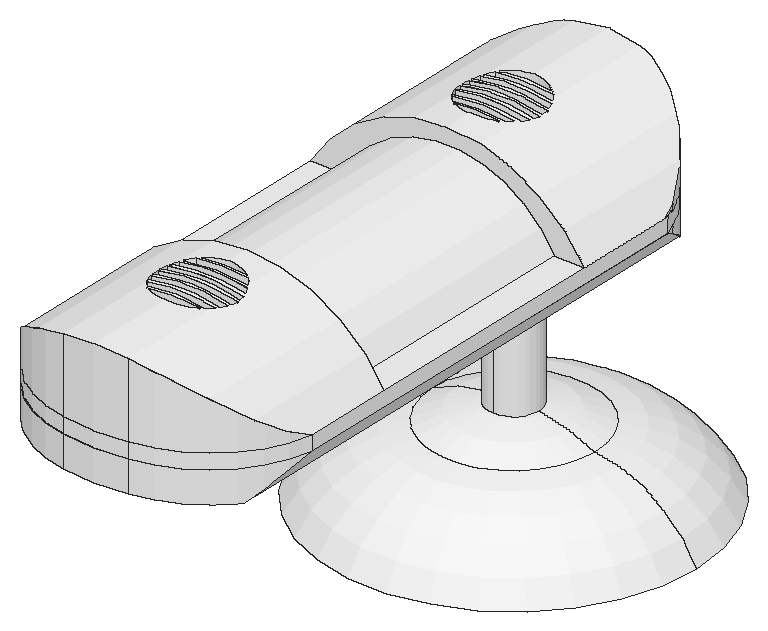
Revit family "1501a_lightowl_dt", category Communication Devices, host Face, Revit 2021
Family settings
  Host = Face
  Maintain Annotation Orientation = No
  Round Connector Dimension = Use Diameter
  Part Type = Normal
  OmniClass Number = 23.85.80.11.27
  OmniClass Title = Lighting Controls
  Cut with Voids When Loaded = No
  Shared = Yes
  Room Calculation Point = No
Parameters
  Warranty = "5-Years Warranty"  # constant formula
  Type Comments = "Wall Mount Occupancy Sensors\r"  # constant formula
  Product Page URL = ""
  Product Documentation Link = ""
  URL = "https://www.currentlighting.com/nxlightingcontrols"
  Power Requirements = "24VDC, 33 mA (uses UVPP and MP-Series power pack—not included)"  # constant formula
  Model = "NX Ceiling Mount Occupancy Sensors employ Passive Infrared\r\nand Ultrasonic sensing technologies to turn lighting on and off based\r\non occupancy"  # constant formula
  Manufacturer = " NX Lighting Controls"  # constant formula
  Sensing Element = Metal-Nickel
  Keynote = ""
  Feartures = "IntelliDAPT self-adaptive technology—no manual adjustment required\r\nAll-digital dual technology passive infrared (PIR) and ultrasonic (US) sensor \r\nNon-volatile memory for sensor settings\r\n1,600 square-foot coverage area \r\nOptional relay and photocell control \r\nOptional Quick-to-Install (QTI) connector \r\nUL and cUL listed \r\nCalifornia Title 24 compliant \r\nFive-year limited warranty \r\nLow voltage device: 24 Vdc\r\n"  # constant formula
  Description = "The LightOWL Dual Technology Ultrasonic and Passive Infrared Sensor combines\r\nultrasonic (US) and passive infrared (PIR) technologies to turn lighting on and off\r\nbased on occupancy. Designed specifically for areas where ceiling sensors are not\r\nappropriate, this sensor features Controls' patented IntelliDAPT® technology,\r\nwhich makes all the sensor adjustments automatically"  # constant formula
  Default Elevation = 48.00"
  Copyright = "Copyright ©  NX Lighting Controls"  # constant formula
  Contact Us = ""
  Housing Material = Paint - Matte White
  Certifications = "UL and cUL listed"
  Assembly Code = "D5090"
Reference planes (in)
  plane 1 "Center (Front/Back)": y = 11.68155
  plane 2: z = 0
  plane 3 "Center (Left/Right)": x = 0
  plane 4: x = -1.41
  plane 5: x = 1.41
  plane 6: y = 13.09155
  plane 7: y = 10.27155
  plane 8: z = 3.72
  plane 9: through (0.87749, -180, 1.95871) normal (0.7071, 0, 0.7071)
Forms (in)
  Revolve 1, solid, material "Paint - Matte White" <- "Housing Material"
    sketch origin (0, 11.68155, 0) x (1, 0, 0) y (0, 0, 1)
      loop
        line (0, 0) -> (1.82999, 0)
        arc (1.82999, 0) -> (1.40849, 0.4728) -> (0.81222, 0.68649) r 1.28372
        arc (0.81222, 0.68649) -> (0.41744, 0.82505) -> (0, 0.85337) r 1.55552
        line (0, 0.85337) -> (0, 0)
      axis (0, 0.85337) -> (0, 0)
    angle from 0 to 360
  Sweep 2, solid, material "Paint - Matte White" <- "Housing Material"
    path origin (0, 0, 0) x (0, 1, 0) y (0, 0, 1)
      loop
        line (11.68155, 0.85427) -> (11.68155, 1.68006) -> (12.02357, 2.61976)
    profile origin (0, 11.68155, 1.26717) x (0, -1, 0) y (1, 0, 0)
      loop
        circle (0, 0) r 0.25
Dimensions and locks (in)
  plane 4 to plane 5 = 2.82"
  plane 7 to plane 6 = 2.82"
  equal spacing: plane 7, plane 1 "Center (Front/Back)", plane 6
  plane 5 to plane 4 = 2.82"
  plane 8 to plane 2 = 3.72"
  aligned and locked: plane 2 to host face
  aligned and locked: level to host face
  aligned and locked: Revolve 1 sketch curve to plane 3 "Center (Left/Right)"
Automatic sketch dimensions
  host sketch curve to host sketch curve = 96.00"  (x2)
  Revolve 1 sketch curve to level = 0.00"
  plane 3 "Center (Left/Right)" to Revolve 1 sketch curve = 0.00"
  plane 3 "Center (Left/Right)" to Revolve 1 sketch curve = 0.10439"
  Revolve 1 sketch curve to Revolve 1 sketch curve = 0.58626"
  Revolve 1 sketch curve to level = 0.59145"
  Revolve 1 sketch curve to Revolve 1 sketch curve = 0.10719"
  Revolve 1 sketch curve to plane 5 = 0.59778"
  plane 5 to Revolve 1 sketch curve = 0.41999"
  Revolve 1 sketch curve to Revolve 1 sketch curve = 23.30136"
  Revolve 1 sketch curve to plane 8 = 54.31668"
  Sweep 2 sketch curve to plane 1 "Center (Front/Back)" = 0.00"
  level to Sweep 2 sketch curve = 0.85427"
  Sweep 2 sketch curve to plane 1 "Center (Front/Back)" = 0.34202"
  Sweep 2 sketch curve to Sweep 2 sketch curve = 0.82579"
  Sweep 2 sketch curve to Sweep 2 sketch curve = 0.93969"
  Sweep 2 sketch curve to plane 3 "Center (Left/Right)" = 0.00"
  Sweep 2 sketch curve to profile plane = 0.00"
  radius of Sweep 2 sketch curve = 0.25"
Nested families (in)
  nested 1: "Family1" at (0, 9.63972, 2.80957), type "Family1"
Connectors (in)
  electrical at (0, 11.68155, 0)
    settings: on Revolve 1, index 1, voltage 0 V, apparent load 0 VA, apparent load phase1 0 VA, apparent load phase2 0 VA, apparent load phase3 0 VA, power factor 1, load classification "Other", number of poles 1, system type 13, power factor state 1, is connector primary yes, connector utility no, sub classification motor no, connector description "Sensor"
Definition of nested family "Family1"
  Parameters
    housing = none
    Sensing material = none
    Height = 5.48"
    Default Elevation = 0.00"
  Reference planes (in)
    plane 1 "Center (Front/Back)": y = 0
    plane 2: z = 0
    plane 3 "Center (Left/Right)": x = 0
    plane 4: x = -1.365
    plane 5: x = 1.365
    plane 6: y = 2.74
    plane 7: y = -2.74
    plane 8: z = 0.93
    plane 9: z = -0.93
    plane 10: y = 3.26
    plane 11: y = -3.26
  Forms (in)
    Sweep 1, solid, material <- "housing"
      path origin (0, 0, 0) x (1, 0, 0) y (0, 1, 0)
        loop
          line (0, 3.3128) -> (0, -3.23467)
      profile origin (0, 0.03906, 0) x (1, 0, 0) y (0, 0, 1)
        loop
          line (-1.365, 0.075) -> (1.365, 0.075)
          arc (1.365, 0.075) -> (0, 0.8515) -> (-1.365, 0.075) r 1.58801
    Extrusion 2, void
      sketch origin (0, 0, 0) x (1, 0, 0) y (0, 1, 0)
        loop
          line (-1.365, -2.17044) -> (-1.365, -3.26592) -> (1.365, -3.26592) -> (1.365, -2.17044)
          arc (1.365, -2.17044) -> (1.00674, -2.83506) -> (0.32626, -3.16217) r 1.22166
          arc (0.32626, -3.16217) -> (0, -3.1881) -> (-0.32626, -3.16217) r 2.06591
          arc (-0.32626, -3.16217) -> (-1.00674, -2.83506) -> (-1.365, -2.17044) r 1.22166
        loop
          line (-1.37645, 3.3128) -> (-1.37645, 2.26389)
          arc (-1.37645, 2.26389) -> (-0.00573, 3.26001) -> (1.365, 2.26389) r 1.44117
          line (1.365, 2.26389) -> (1.365, 3.3128) -> (-1.37645, 3.3128)
      from -0.93 to 0.93
    Sweep 3, solid, material <- "housing"
      path origin (0, 0, 0.075) x (0, -1, 0) y (1, 0, 0)
        loop
          line (-3.26, 0) -> (3.26592, 0)
      profile origin (0, -0.00296, 0.075) x (1, 0, 0) y (0, 0, 1)
        loop
          arc (-1.365, -0.15) -> (0, -0.9265) -> (1.365, -0.15) r 1.58801
          line (1.365, -0.15) -> (-1.365, -0.15)
    Extrusion 4, void
      sketch origin (0, 0, 0) x (0, -1, 0) y (1, 0, 0)
        loop
          line (2.24827, -1.365) -> (3.3125, -1.365) -> (3.3125, 1.365) -> (2.24827, 1.365)
          arc (2.24827, 1.365) -> (2.91289, 1.00674) -> (3.24, 0.32626) r 1.22166
          arc (3.24, 0.32626) -> (3.26592, 0) -> (3.24, -0.32626) r 2.06591
          arc (3.24, -0.32626) -> (2.91289, -1.00674) -> (2.24827, -1.365) r 1.22166
        loop
          arc (-2.21702, -1.365) -> (-2.88164, -1.00674) -> (-3.20875, -0.32626) r 1.22166
          arc (-3.20875, -0.32626) -> (-3.23467, 0) -> (-3.20875, 0.32626) r 2.06591
          arc (-3.20875, 0.32626) -> (-2.88164, 1.00674) -> (-2.21702, 1.365) r 1.22166
          line (-2.21702, 1.365) -> (-3.46875, 1.365) -> (-3.46875, -1.365) -> (-2.21702, -1.365)
      from -1.03321 to 2.51239
    Sweep 5, void
      path origin (0, 0.21875, 0) x (1, 0, 0) y (0, 1, 0)
        loop
          line (0, 1) -> (0, -1.5)
      profile origin (0, -0.03125, 0) x (1, 0, 0) y (0, 0, 1)
        loop
          line (-1.365, 0.075) -> (-1.06382, 0.075)
          arc (-1.06382, 0.075) -> (0, 0.69868) -> (1.06382, 0.075) r 1.21913
          line (1.06382, 0.075) -> (1.365, 0.075)
          arc (1.365, 0.075) -> (0, 0.8515) -> (-1.365, 0.075) r 1.58801
    Extrusion 6, void
      sketch origin (0, 0, 0) x (1, 0, 0) y (0, 1, 0)
        loop
          line (-0.2626, 2.20128) -> (0.2626, 2.20128)
          arc (0.2626, 2.20128) -> (0, 2.29997) -> (-0.2626, 2.20128) r 0.39869
        loop
          arc (-0.29067, 2.17416) -> (-0.31897, 2.14048) -> (-0.34338, 2.10388) r 0.39869
          line (-0.34338, 2.10388) -> (0.34338, 2.10388)
          arc (0.34338, 2.10388) -> (0.31897, 2.14048) -> (0.29067, 2.17416) r 0.39869
          line (0.29067, 2.17416) -> (-0.29067, 2.17416)
        loop
          arc (-0.35988, 2.07286) -> (-0.3744, 2.03832) -> (-0.38561, 2.00258) r 0.39869
          line (-0.38561, 2.00258) -> (0.38561, 2.00258)
          arc (0.38561, 2.00258) -> (0.3744, 2.03832) -> (0.35988, 2.07286) r 0.39869
          line (0.35988, 2.07286) -> (-0.35988, 2.07286)
        loop
          arc (-0.39245, 1.97156) -> (-0.39713, 1.93656) -> (-0.39869, 1.90128) r 0.39869
          line (-0.39869, 1.90128) -> (0.39869, 1.90128)
          arc (0.39869, 1.90128) -> (0.39713, 1.93656) -> (0.39245, 1.97156) r 0.39869
          line (0.39245, 1.97156) -> (-0.39245, 1.97156)
        loop
          arc (-0.39748, 1.87025) -> (-0.39356, 1.8375) -> (-0.38694, 1.80518) r 0.39869
          line (-0.38694, 1.80518) -> (0.38694, 1.80518)
          arc (0.38694, 1.80518) -> (0.39356, 1.8375) -> (0.39748, 1.87025) r 0.39869
          line (0.39748, 1.87025) -> (-0.39748, 1.87025)
        loop
          arc (-0.37788, 1.77416) -> (-0.36291, 1.7362) -> (-0.34414, 1.69998) r 0.39869
          line (-0.34414, 1.69998) -> (0.34414, 1.69998)
          arc (0.34414, 1.69998) -> (0.36291, 1.7362) -> (0.37788, 1.77416) r 0.39869
          line (0.37788, 1.77416) -> (-0.37788, 1.77416)
        loop
          arc (-0.32677, 1.67286) -> (-0.29552, 1.63365) -> (-0.25959, 1.59867) r 0.39869
          line (-0.25959, 1.59867) -> (0.25959, 1.59867)
          arc (0.25959, 1.59867) -> (0.29552, 1.63365) -> (0.32677, 1.67286) r 0.39869
          line (0.32677, 1.67286) -> (-0.32677, 1.67286)
        loop
          arc (-0.22414, 1.57156) -> (0, 1.50259) -> (0.22414, 1.57156) r 0.39869
          line (0.22414, 1.57156) -> (-0.22414, 1.57156)
        loop
          arc (-0.2626, -2.20128) -> (0, -2.29997) -> (0.2626, -2.20128) r 0.39869
          line (0.2626, -2.20128) -> (-0.2626, -2.20128)
        loop
          line (-0.29067, -2.17416) -> (0.29067, -2.17416)
          arc (0.29067, -2.17416) -> (0.31897, -2.14048) -> (0.34338, -2.10388) r 0.39869
          line (0.34338, -2.10388) -> (-0.34338, -2.10388)
          arc (-0.34338, -2.10388) -> (-0.31897, -2.14048) -> (-0.29067, -2.17416) r 0.39869
        loop
          line (-0.35988, -2.07286) -> (0.35988, -2.07286)
          arc (0.35988, -2.07286) -> (0.3744, -2.03832) -> (0.38561, -2.00258) r 0.39869
          line (0.38561, -2.00258) -> (-0.38561, -2.00258)
          arc (-0.38561, -2.00258) -> (-0.3744, -2.03832) -> (-0.35988, -2.07286) r 0.39869
        loop
          line (-0.39245, -1.97156) -> (0.39245, -1.97156)
          arc (0.39245, -1.97156) -> (0.39713, -1.93656) -> (0.39869, -1.90128) r 0.39869
          line (0.39869, -1.90128) -> (-0.39869, -1.90128)
          arc (-0.39869, -1.90128) -> (-0.39713, -1.93656) -> (-0.39245, -1.97156) r 0.39869
        loop
          line (-0.39748, -1.87025) -> (0.39748, -1.87025)
          arc (0.39748, -1.87025) -> (0.39356, -1.8375) -> (0.38694, -1.80518) r 0.39869
          line (0.38694, -1.80518) -> (-0.38694, -1.80518)
          arc (-0.38694, -1.80518) -> (-0.39356, -1.8375) -> (-0.39748, -1.87025) r 0.39869
        loop
          line (-0.37788, -1.77416) -> (0.37788, -1.77416)
          arc (0.37788, -1.77416) -> (0.36291, -1.7362) -> (0.34414, -1.69998) r 0.39869
          line (0.34414, -1.69998) -> (-0.34414, -1.69998)
          arc (-0.34414, -1.69998) -> (-0.36291, -1.7362) -> (-0.37788, -1.77416) r 0.39869
        loop
          line (-0.32677, -1.67286) -> (0.32677, -1.67286)
          arc (0.32677, -1.67286) -> (0.29552, -1.63365) -> (0.25959, -1.59867) r 0.39869
          line (0.25959, -1.59867) -> (-0.25959, -1.59867)
          arc (-0.25959, -1.59867) -> (-0.29552, -1.63365) -> (-0.32677, -1.67286) r 0.39869
        loop
          line (-0.22414, -1.57156) -> (0.22414, -1.57156)
          arc (0.22414, -1.57156) -> (0, -1.50259) -> (-0.22414, -1.57156) r 0.39869
      from 0 to 1
    Extrusion 7, solid, material <- "Sensing material"
      sketch origin (0, 0, 0) x (1, 0, 0) y (0, 1, 0)
        loop
          circle (0, 1.90128) r 0.23395
        loop
          circle (0, -1.90258) r 0.23395
      from 0 to 0.52525
    Extrusion 8, void
      sketch origin (0, 0, 0) x (0, 1, 0) y (0, 0, 1)
        loop
          arc (0.27944, -0.93) -> (0.14952, -0.54931) -> (-0.21875, -0.3875) r 0.5
          line (-0.21875, -0.3875) -> (-3.39092, -0.3875) -> (-3.39092, -0.93) -> (0.27944, -0.93)
      from -2.72838 to 2.18587
    Extrusion 9, solid, material <- "housing"
      sketch origin (0, 0, 0) x (1, 0, 0) y (0, 1, 0)
        loop
          line (-1.365, 2.29773) -> (-1.365, -2.17044)
          arc (-1.365, -2.17044) -> (-1.00674, -2.83506) -> (-0.32626, -3.16217) r 1.22166
          arc (-0.32626, -3.16217) -> (0, -3.1881) -> (0.32626, -3.16217) r 2.06591
          arc (0.32626, -3.16217) -> (1.00674, -2.83506) -> (1.365, -2.17044) r 1.22166
          line (1.365, -2.17044) -> (1.365, 2.26389)
          arc (1.365, 2.26389) -> (0.01214, 3.2599) -> (-1.365, 2.29773) r 1.44117
      from -0.075 to 0.075
  Cuts and joins
    Extrusion 2, Extrusion 4, Sweep 5, Extrusion 6 cuts Sweep 1
    joined: Sweep 1, Extrusion 9
    Extrusion 2, Extrusion 4, Extrusion 8 cuts Sweep 3
  Dimensions and locks (in)
    "Height": plane 7 to plane 6
    plane 4 to plane 5 = 2.73"
    equal spacing: plane 7, plane 1 "Center (Front/Back)", plane 6
    aligned and locked: plane 2 to level
    aligned and locked: Extrusion 2 to plane 9
    aligned and locked: plane 8 to Extrusion 2
  Automatic sketch dimensions
    profile plane to Sweep 1 sketch curve = 0.00"
    level to Sweep 1 sketch curve = 0.075"
    profile plane to Sweep 1 sketch curve = 1.365"
    Sweep 1 sketch curve to level = 0.7365"
    profile plane to Sweep 3 sketch curve = 0.00"
    Sweep 3 sketch curve to profile plane = 0.15"
    profile plane to Sweep 3 sketch curve = 1.365"
    profile plane to Sweep 3 sketch curve = 0.6615"
    Extrusion 4 sketch curve to plane 4 = 0.00"  (x2)
    Extrusion 4 sketch curve to plane 5 = 0.00"  (x2)
    Extrusion 4 sketch curve to plane 3 "Center (Left/Right)" = 0.00"  (x2)
    plane 7 to Extrusion 4 sketch curve = 0.50"  (x2)
    Extrusion 4 sketch curve to plane 7 = 0.49173"  (x2)
    plane 3 "Center (Left/Right)" to Extrusion 4 sketch curve = 0.16313"  (x2)
    Extrusion 4 sketch curve to Extrusion 4 sketch curve = 1.21072"
    Extrusion 4 sketch curve to plane 3 "Center (Left/Right)" = 0.16313"  (x2)
    plane 1 "Center (Front/Back)" to Extrusion 4 sketch curve = 1.20001"
    Extrusion 4 sketch curve to plane 1 "Center (Front/Back)" = 1.16876"
    Extrusion 4 sketch curve to Extrusion 4 sketch curve = 0.82927"
    Extrusion 4 sketch curve to Extrusion 4 sketch curve = 0.00"
    plane 6 to Extrusion 4 sketch curve = 0.52298"
    Extrusion 4 sketch curve to Extrusion 4 sketch curve = 0.21899"
    Extrusion 4 sketch curve to plane 6 = 0.72875"
    plane 7 to Extrusion 4 sketch curve = 0.5725"
    Extrusion 4 sketch curve to plane 6 = 0.46875"
    Sweep 5 sketch curve to plane 3 "Center (Left/Right)" = 0.00"
    plane 1 "Center (Front/Back)" to Sweep 5 sketch curve = 1.28125"
    Sweep 5 sketch curve to plane 1 "Center (Front/Back)" = 1.21875"
    profile plane to Sweep 5 sketch curve = 0.00"  (x2)
    level to Sweep 5 sketch curve = 0.075"  (x2)
    profile plane to Sweep 5 sketch curve = 1.06382"
    Sweep 5 sketch curve to Sweep 5 sketch curve = 0.30118"
    Sweep 5 sketch curve to level = 0.52045"
    Sweep 5 sketch curve to Sweep 5 sketch curve = 0.21606"
    Extrusion 6 sketch curve to Extrusion 6 sketch curve = 0.00"  (x364)
    Extrusion 6 sketch curve to plane 3 "Center (Left/Right)" = 0.00"  (x2)
    Extrusion 6 sketch curve to plane 3 "Center (Left/Right)" = 0.22414"  (x2)
    Extrusion 6 sketch curve to Extrusion 6 sketch curve = 0.03545"  (x4)
    Extrusion 6 sketch curve to plane 3 "Center (Left/Right)" = 0.2626"  (x2)
    Extrusion 6 sketch curve to Extrusion 6 sketch curve = 0.02808"  (x4)
    Extrusion 6 sketch curve to Extrusion 6 sketch curve = 0.06718"  (x2)
    Extrusion 6 sketch curve to Extrusion 6 sketch curve = 0.0527"  (x2)
    Extrusion 6 sketch curve to Extrusion 6 sketch curve = 0.01737"  (x4)
    Extrusion 6 sketch curve to Extrusion 6 sketch curve = 0.01651"  (x4)
    Extrusion 6 sketch curve to Extrusion 6 sketch curve = 0.03374"  (x2)
    Extrusion 6 sketch curve to Extrusion 6 sketch curve = 0.02572"  (x2)
    Extrusion 6 sketch curve to Extrusion 6 sketch curve = 0.00905"  (x4)
    Extrusion 6 sketch curve to Extrusion 6 sketch curve = 0.00684"  (x4)
    Extrusion 6 sketch curve to Extrusion 6 sketch curve = 0.01055"  (x2)
    Extrusion 6 sketch curve to Extrusion 6 sketch curve = 0.00121"  (x2)
    Extrusion 6 sketch curve to plane 7 = 0.53872"
    Extrusion 6 sketch curve to Extrusion 6 sketch curve = 0.02712"  (x6)
    Extrusion 6 sketch curve to Extrusion 6 sketch curve = 0.07028"
    Extrusion 6 sketch curve to Extrusion 6 sketch curve = 0.03102"  (x6)
    plane 6 to Extrusion 6 sketch curve = 1.16844"
    Extrusion 6 sketch curve to Extrusion 6 sketch curve = 0.07418"
    Extrusion 7 sketch curve to plane 3 "Center (Left/Right)" = 0.00"  (x2)
    Extrusion 7 sketch curve to plane 7 = 0.83742"
    plane 6 to Extrusion 7 sketch curve = 0.83872"
    Extrusion 8 sketch curve to plane 9 = 0.00"
    plane 7 to Extrusion 8 sketch curve = 0.65092"
    plane 1 "Center (Front/Back)" to Extrusion 8 sketch curve = 0.21875"
    Extrusion 8 sketch curve to plane 1 "Center (Front/Back)" = 0.27944"
    plane 9 to Extrusion 8 sketch curve = 0.0425"
    Sweep 1 sketch curve to plane 3 "Center (Left/Right)" = 0.00"
    Sweep 1 sketch curve to plane 11 = 0.02533"
    Sweep 1 sketch curve to plane 10 = 0.0528"
    Extrusion 2 sketch curve to plane 4 = 0.00"
    Extrusion 2 sketch curve to plane 3 "Center (Left/Right)" = 0.00"
    Extrusion 2 sketch curve to plane 5 = 0.00"  (x2)
    Extrusion 2 sketch curve to plane 4 = 0.01145"
    Extrusion 2 sketch curve to plane 3 "Center (Left/Right)" = 0.16313"
    Extrusion 2 sketch curve to plane 3 "Center (Left/Right)" = 0.00573"
    plane 3 "Center (Left/Right)" to Extrusion 2 sketch curve = 0.16313"
    plane 11 to Extrusion 2 sketch curve = 0.00592"
    Extrusion 2 sketch curve to plane 7 = 0.56956"  (x2)
    Extrusion 2 sketch curve to plane 7 = 0.78855"
    Extrusion 2 sketch curve to Extrusion 2 sketch curve = 0.00"
    Extrusion 2 sketch curve to Extrusion 2 sketch curve = 0.82927"
    plane 6 to Extrusion 2 sketch curve = 0.92115"
    Extrusion 2 sketch curve to plane 10 = 0.0528"
    Extrusion 2 sketch curve to plane 11 = 0.09783"
    plane 6 to Extrusion 2 sketch curve = 0.47611"
    Sweep 3 sketch curve to plane 3 "Center (Left/Right)" = 0.00"
    plane 10 to Sweep 3 sketch curve = 0.00"
    plane 11 to Sweep 3 sketch curve = 0.00592"
    Extrusion 9 sketch curve to plane 3 "Center (Left/Right)" = 0.00"
    Extrusion 9 sketch curve to plane 3 "Center (Left/Right)" = 0.16313"
    Extrusion 9 sketch curve to plane 3 "Center (Left/Right)" = 0.00573"
    Extrusion 9 sketch curve to plane 7 = 0.78855"
    Extrusion 9 sketch curve to Extrusion 9 sketch curve = 0.82927"
    plane 6 to Extrusion 9 sketch curve = 0.92115"
    plane 4 to Extrusion 9 sketch curve = 0.00"
    Extrusion 9 sketch curve to plane 11 = 0.09783"  (x2)
    Extrusion 9 sketch curve to plane 3 "Center (Left/Right)" = 0.32626"
    Extrusion 9 sketch curve to plane 5 = 0.00"
    plane 6 to Extrusion 9 sketch curve = 0.47611"
    plane 3 "Center (Left/Right)" to Extrusion 9 sketch curve = 0.16313"
    Extrusion 9 sketch curve to Extrusion 9 sketch curve = 0.00"
    radius of Extrusion 7 sketch curve = 0.23395"  (x2)
